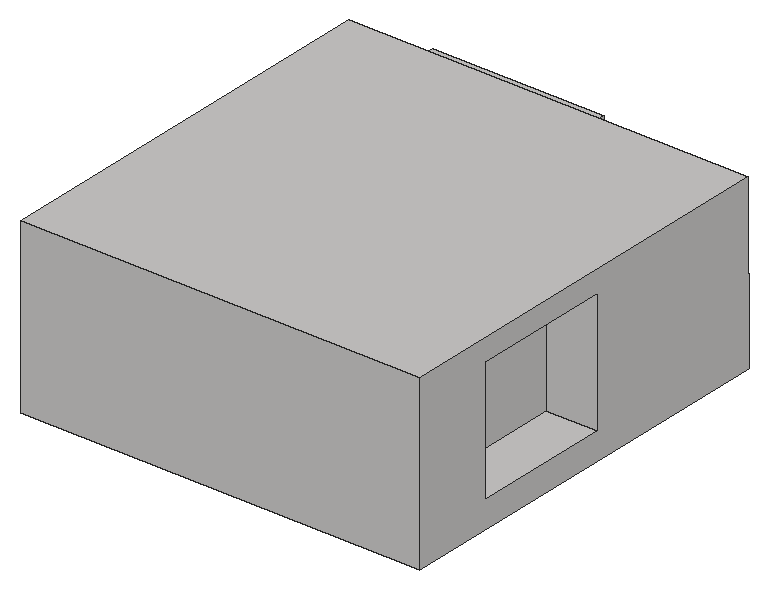
Revit family
Parameters
  Width = 4' - 0 1/8"
  Voltage = 120 V
  Unit Weight = "220.0 lbs"
  UltraLoc Liner = Choose Liner Option = 3  # no
  URL = "http://www.titus-hvac.com/"
  UL = "181"
  Supply Air Flow [instance] = 0 CFM
  SteriLoc Liner = Choose Liner Option = 2  # no
  Primary Air Pressure Drop [instance] = 0.00 in-wg
  Primary Air Flow [instance] = 0 CFM
  Plenum Air Pressure Drop [instance] = 0.00 in-wg
  Plenum Air Flow [instance] = 0 CFM
  Outlet Width = 1' - 4 1/2"
  Outlet Vertical Offset = 0' - 1 1/8"
  Outlet Horizontal Offset = 0' - 1 3/8"
  Outlet Height = 1' - 2 1/2"
  Number of Poles = 1
  Nominal Width = Width + 0' 6 1/4"  # 4' - 6 3/8"
  Nominal Length = Length + 0' 3 3/8"  # 4' - 2 1/4"
  Nominal Inlet Size = 0' - 10"
  Nominal Height = 1' - 8 1/8"
  NFPA = "90A"
  Motor Full Load Amps = 10 A
  Model = "DTQS"
  Min. Air Flow = 0 CFM
  Max. Air Flow = 0 CFM
  Material = Galvanized Steel
  Manufacturer = "Titus"
  Length = 3' - 10 7/8"
  Juction Box Offset = 0' - 4 7/8"
  Inlet Diameter = Nominal Inlet Size - 0' 0 1/8"  # 0' - 9 7/8"
  Induced offset = 0' - 1 1/4"
  Induced Air Inlet Offset = 0' - 4 1/2"
  Induced Air Inlet Width = 1' - 9"
  Induced Air Inlet Height = 1' - 5 1/2"
  Induced Air Filter = no
  Heating Total Capacity [instance] = 0 Btu/h
  Half Outlet Connection Width = Outlet Width / 2  # 0' - 8 1/4"
  Half Outlet Connection Height = Outlet Height / 2  # 0' - 7 1/4"
  Half Height Start = -(Nominal Height / 2)  # -0' - 10 1/16"
  Half Height End = Nominal Height / 2  # 0' - 10 1/16"
  HP-Motor = "1/3"
  Frequency = 60 Hz
  Filter Size = "27\"x20\""
  Fiber Free Liner = Choose Liner Option = 1  # no
  Fan Disconnect Switch = no
  Duct Radius = Nominal Inlet Size / 2  # 0' - 5"
  Description = "Series Fan Powered Terminal Unit, Direct Digital Control, Pressure Independent"
  Connection Void Radius = Connection Radius - 0' 0 1/4"  # 0' - 4 11/16"
  Connection Radius = Inlet Diameter / 2  # 0' - 4 15/16"
  Choose Liner Option = 0
  CADworks URL = "www.CADworks.net"
  Assembly Code = "D3040100"
  Apparent Power = Voltage * Motor Full Load Amps  # 1200 VA
  Air Inlet Offset = 0' - 7"
  1/2" Fiberglass Liner = Choose Liner Option = 0  # yes
Reference planes (in)
  plane 1 "Center (Front/Back)": y = 0
  plane 2: z = 0
  plane 3 "Center (Left/Right)": x = 3
  plane 4: x = -20.4375
  plane 5: x = 26.4375
  plane 6: x = -15.5625
  plane 7: x = -23.8125
  plane 8 "Center (Elevation)": z = 0
  plane 9: y = -24.0625
  plane 10: y = 24.0625
  plane 11: y = 17.0625
  plane 12: y = -19.5625
  plane 13: x = 20.4375
  plane 14: y = 30.3125
  plane 15: z = 10.0625
  plane 16: z = -10.0625
Forms (in)
  Extrusion 1, solid, material "Galvanized Steel" <- "Material"
    sketch origin (0, 0, 52) x (1, 0, 0) y (0, 1, 0)
      loop
        line (-20.4375, 24.0625) -> (-20.4375, -24.0625) -> (26.4375, -24.0625) -> (26.4375, 24.0625) -> (-20.4375, 24.0625)
    from -62.0625 <- "Half Height Start" to -41.9375 <- "Half Height End"
  Extrusion 2, solid, material "Galvanized Steel" <- "Material"
    sketch origin (3.0625, 0, -6) x (1, 0, 0) y (0, 1, 0)
      loop
        line (-18.625, 24.0625) -> (1.375, 24.0625) -> (1.375, 30.3125) -> (-18.625, 30.3125) -> (-18.625, 24.0625)
    from 0 to 12
  Extrusion 3, void
    sketch origin (26.4375, 24.0625, 53.125) x (0, 1, 0) y (0, 0, -1)
      loop
        line (-22.125, 45.5625) -> (-22.125, 60.0625) -> (-38.625, 60.0625) -> (-38.625, 45.5625) -> (-22.125, 45.5625)
    from 0 to 6
  Extrusion 4, solid, material "Galvanized Steel" <- "Material"
    sketch origin (-24.875, 0.5625, 0) x (0, 0, -1) y (0, 1, 0)
      loop
        circle (0, 16.5) r 4.9375
    from 1.0625 to 4.4375
  Extrusion 5, void
    sketch origin (-24.875, 0, 0) x (0, 1, 0) y (0, 0, 1)
      loop
        circle (17.0625, 0) r 4.6875
    from 1.0625 to 9.3125
  Extrusion 6, void
    sketch origin (-20.4375, -24.0625, 52) x (0, -1, 0) y (0, 0, -1)
      loop
        line (-25.5, 43.3125) -> (-4.5, 43.3125) -> (-4.5, 60.8125) -> (-25.5, 60.8125) -> (-25.5, 43.3125)
    from 0 to 4.875
Cuts and joins
  Extrusion 3, Extrusion 5, Extrusion 6 cuts Extrusion 1
  Extrusion 5 cuts Extrusion 4
Dimensions and locks (in)
  "Length": plane 5 to plane 4
  equal spacing: plane 5, plane 3 "Center (Left/Right)", plane 4
  locked: Extrusion 2 to plane 6 at 0
  locked: Extrusion 2 to Extrusion 2 at 20
  "Juction Box Offset": plane 6 to plane 4
  "Outlet Height": Extrusion 3 sketch curve to Extrusion 3 sketch curve
  "Outlet Width": Extrusion 3 sketch curve to Extrusion 3 sketch curve
  locked: plane 4 to plane 7 at 3.375
  "Width": plane 9 to plane 10
  equal spacing: plane 9, plane 1 "Center (Front/Back)", plane 10
  locked: Extrusion 4 sketch curve to level at 0
  locked: Extrusion 4 sketch curve to plane 11 at 0
  locked: Extrusion 5 sketch curve to level at 0
  locked: Extrusion 5 sketch curve to plane 11 at 0
  locked: Extrusion 2 to Extrusion 2 at 6.25
  "Air Inlet Offset": plane 10 to plane 11
  locked: Extrusion 2 to plane 10 at 0
  locked: cut or joined group of Extrusion 4, Extrusion 5 to plane 7 at 0
  locked: cut or joined group of Extrusion 4, Extrusion 5 to cut or joined group of Extrusion 4, Extrusion 5 at 3.375
  "Induced Air Inlet Offset": plane 9 to plane 12
  "Induced Air Inlet Width": Extrusion 6 sketch curve to Extrusion 6 sketch curve
  "Induced Air Inlet Height": Extrusion 6 sketch curve to Extrusion 6 sketch curve
  "Induced Air Inlet Offset": Extrusion 6 sketch curve to plane 9
  locked: plane 9 to Extrusion 3 sketch curve at 9.5
  cut or joined group of Extrusion 1, Extrusion 3, Extrusion 5, Extrusion 6 to Extrusion 3 sketch curve = 0' - 3 1/8"
  locked: Extrusion 2 to Extrusion 2 at 12
  equal spacing: Extrusion 2, level, Extrusion 2
  locked: cut or joined group of Extrusion 1, Extrusion 3, Extrusion 5, Extrusion 6 to cut or joined group of Extrusion 1, Extrusion 3, Extrusion 5, Extrusion 6 at 20.125
  equal spacing: cut or joined group of Extrusion 1, Extrusion 3, Extrusion 5, Extrusion 6, level, cut or joined group of Extrusion 1, Extrusion 3, Extrusion 5, Extrusion 6
  "Induced offset": Extrusion 6 sketch curve to cut or joined group of Extrusion 1, Extrusion 3, Extrusion 5, Extrusion 6
  "Connection Radius": radius of Extrusion 4 sketch curve
  "Connection Void Radius": radius of Extrusion 5 sketch curve
  aligned and locked: plane 6 to Extrusion 6
  aligned and locked: Extrusion 3 to plane 13
  aligned and locked: plane 5 to cut or joined group of Extrusion 1, Extrusion 3, Extrusion 5, Extrusion 6
  aligned and locked: cut or joined group of Extrusion 1, Extrusion 3, Extrusion 5, Extrusion 6 to plane 4
  aligned and locked: cut or joined group of Extrusion 1, Extrusion 3, Extrusion 5, Extrusion 6 to plane 10
  aligned and locked: plane 9 to cut or joined group of Extrusion 1, Extrusion 3, Extrusion 5, Extrusion 6
  aligned and locked: Extrusion 1 to Extrusion 6
  aligned and locked: Extrusion 5 to plane 7
  aligned and locked: plane 6 to Extrusion 5
Automatic sketch dimensions
  Extrusion 1 sketch curve to plane 4 = 0' - 0"
  plane 5 to Extrusion 1 sketch curve = 0' - 0"
  Extrusion 1 sketch curve to plane 9 = 0' - 0"
  Extrusion 1 sketch curve to plane 10 = 0' - 0"
  Extrusion 2 sketch curve to plane 6 = 0' - 0"
  Extrusion 2 sketch curve to plane 10 = 0' - 0"
  plane 3 "Center (Left/Right)" to Extrusion 2 sketch curve = 0' - 1 7/16"
  Extrusion 2 sketch curve to plane 10 = 0' - 6 1/4"
Connectors (in)
  electrical at (-5.5625, 30.3125, 0), driven by "Apparent Power", driven by "Voltage", driven by "Number of Poles"
    settings: on Extrusion 2, index 8
  hvac at (-23.8125, 17.0625, 0), driven by "Primary Air Flow", driven by "Duct Radius", driven by "Primary Air Pressure Drop"
    settings: on cut or joined group of Extrusion 4, Extrusion 5, index 9
  hvac at (-20.4375, -9.0625, -0.0625), driven by "Induced Air Inlet Height", driven by "Induced Air Inlet Width", driven by "Plenum Air Pressure Drop", driven by "Plenum Air Flow"
    settings: on cut or joined group of Extrusion 1, Extrusion 3, Extrusion 5, Extrusion 6, index 12
  hvac at (26.4375, -6.3125, 0.3125), driven by "Supply Air Flow", driven by "Outlet Width", driven by "Outlet Height"
    settings: on cut or joined group of Extrusion 1, Extrusion 3, Extrusion 5, Extrusion 6, index 13
